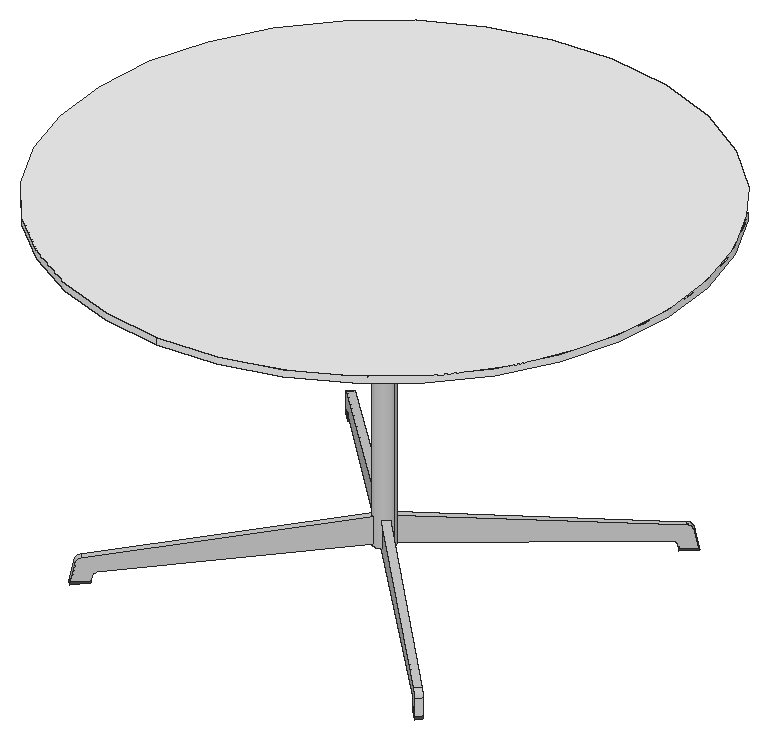
Revit family "Table-LAMMHULTS-COOPER-Round", category Furniture, Revit 2015
Parameters (values of type "H52 D90 Laminate")
  Legs Material = Plastic - Black
  D90 = not(D120)  # yes
  URL = "www.lammhults.se"
  Table Top Height = 520 mm
  Table Edge Material = none
  Table Top Material = Laminate - High Pressure - White grey
  Model = "COOPER"
  Manufacturer = "LAMMHULTS"  # constant formula
  Keynote = "46.B"
  Height = Table Top Height  # 520 mm
  Frame Material = Metal - Chrome - Polished
  Diameter = if(D120, 1200 mm, 900 mm)  # 900 mm
  Description = "*Please enter mtrl description here for use in mto*"
  D120 = no
  Content Author = "AEC AB"  # constant formula
  Assembly Code = "E2020"
Types (12, lengths in mm): name | D90 | Table Top Height | Table Top Material | Height | Diameter | D120
  H45 D90 Laminate | yes | 450 | Laminate - High Pressure - White grey | 450 | 900 | no
  H45 D90 Walnut Veneer | yes | 450 | Wood - Veneer - Walnut | 450 | 900 | no
  H45 D120 Laminate | no | 450 | Laminate - High Pressure - White grey | 450 | 1200 | yes
  H45 D120 Walnut Veneer | no | 450 | Wood - Veneer - Walnut | 450 | 1200 | yes
  H52 D90 Laminate | yes | 520 | Laminate - High Pressure - White grey | 520 | 900 | no
  H52 D90 Walnut Veneer | yes | 520 | Wood - Veneer - Walnut | 520 | 900 | no
  H52 D120 Laminate | no | 520 | Laminate - High Pressure - White grey | 520 | 1200 | yes
  H52 D120 Walnut Veneer | no | 520 | Wood - Veneer - Walnut | 520 | 1200 | yes
  H72 D90 Laminate | yes | 720 | Laminate - High Pressure - White grey | 720 | 900 | no
  H72 D90 Walnut Veneer | yes | 720 | Wood - Veneer - Walnut | 720 | 900 | no
  H72 D120 Laminate | no | 720 | Laminate - High Pressure - White grey | 720 | 1200 | yes
  H72 D120 Walnut Veneer | no | 720 | Wood - Veneer - Walnut | 720 | 1200 | yes
Reference planes
  plane 1 "Center (Front/Back)": y = 0
  plane 2: z = 0
  plane 3 "Center (Left/Right)": x = 0
  plane 4 "Table Top": z = 520
  plane 5: z = 510
  plane 6: x = -450
  plane 7: x = 450
  plane 8: y = 450
  plane 9: y = -450
Forms (mm)
  Extrusion 1, solid, material "Metal - Chrome - Polished" <- "Frame Material", visible <- "D90"
    sketch origin (0, 0, 0) x (-0.707107, 0.707107, 0) y (0, 0, 1)
      loop
        line (0, 74.328) -> (0, 34.162) -> (358.054, 15.064)
        arc (358.054, 15.064) -> (361.681, 13.592) -> (363.628, 10.196) r 6
        line (363.628, 10.196) -> (364.809, 4) -> (390.059, 4) -> (385.4, 27.288)
        arc (385.4, 27.288) -> (382.01, 33.272) -> (375.728, 36.073) r 11
        line (375.728, 36.073) -> (0, 74.328)
    from -5 to 4.999
  Extrusion 2, solid, material "Plastic - Black" <- "Legs Material", visible <- "D90"
    sketch origin (0, 0, 0) x (-0.707107, 0.707107, 0) y (0, 0, 1)
      loop
        line (390.634, 0) -> (390.059, 4) -> (364.809, 4) -> (365.628, 0) -> (390.634, 0)
    from -5 to 5
  Extrusion 3, solid, material "Metal - Chrome - Polished" <- "Frame Material", visible <- "D90"
    sketch origin (0, 0, 0) x (0.707107, 0.707107, 0) y (0, 0, -1)
      loop
        line (0, -74.328) -> (375.728, -36.073)
        arc (375.728, -36.073) -> (382.01, -33.272) -> (385.4, -27.288) r 11
        line (385.4, -27.288) -> (390.059, -4) -> (364.809, -4) -> (363.628, -10.196)
        arc (363.628, -10.196) -> (361.681, -13.592) -> (358.054, -15.064) r 6
        line (358.054, -15.064) -> (0, -34.162) -> (0, -74.328)
    from -5 to 4.999
  Extrusion 4, solid, material "Plastic - Black" <- "Legs Material", visible <- "D90"
    sketch origin (0, 0, 0) x (0.707107, 0.707107, 0) y (0, 0, -1)
      loop
        line (390.634, 0) -> (365.628, 0) -> (364.809, -4) -> (390.059, -4) -> (390.634, 0)
    from -5 to 5
  Extrusion 5, solid, material "Metal - Chrome - Polished" <- "Frame Material", visible <- "D90"
    sketch origin (0, 0, 0) x (-0.707107, -0.707107, 0) y (0, 0, -1)
      loop
        line (0, -74.328) -> (375.728, -36.073)
        arc (375.728, -36.073) -> (382.01, -33.272) -> (385.4, -27.288) r 11
        line (385.4, -27.288) -> (390.059, -4) -> (364.809, -4) -> (363.628, -10.196)
        arc (363.628, -10.196) -> (361.681, -13.592) -> (358.054, -15.064) r 6
        line (358.054, -15.064) -> (0, -34.162) -> (0, -74.328)
    from -5 to 4.999
  Extrusion 6, solid, material "Plastic - Black" <- "Legs Material", visible <- "D90"
    sketch origin (0, 0, 0) x (-0.707107, -0.707107, 0) y (0, 0, -1)
      loop
        line (390.634, 0) -> (365.628, 0) -> (364.809, -4) -> (390.059, -4) -> (390.634, 0)
    from -5 to 5
  Extrusion 7, solid, material "Metal - Chrome - Polished" <- "Frame Material", visible <- "D90"
    sketch origin (0, 0, 0) x (0.707107, -0.707107, 0) y (0, 0, 1)
      loop
        line (0, 74.328) -> (0, 34.162) -> (358.054, 15.064)
        arc (358.054, 15.064) -> (361.681, 13.592) -> (363.628, 10.196) r 6
        line (363.628, 10.196) -> (364.809, 4) -> (390.059, 4) -> (385.4, 27.288)
        arc (385.4, 27.288) -> (382.01, 33.272) -> (375.728, 36.073) r 11
        line (375.728, 36.073) -> (0, 74.328)
    from -5 to 4.999
  Extrusion 8, solid, material "Plastic - Black" <- "Legs Material", visible <- "D90"
    sketch origin (0, 0, 0) x (0.707107, -0.707107, 0) y (0, 0, 1)
      loop
        line (390.634, 0) -> (390.059, 4) -> (364.809, 4) -> (365.628, 0) -> (390.634, 0)
    from -5 to 5
  Extrusion 9, solid, material "Metal - Chrome - Polished" <- "Frame Material"
    sketch origin (0, 0, 0) x (1, 0, 0) y (0, 1, 0)
      loop
        circle (0, 0) r 16
    from 32.33 to 510
  Extrusion 10, solid, material "Metal - Chrome - Polished" <- "Frame Material"
    sketch origin (0, 0, 510) x (1, 0, 0) y (0, 1, 0)
      loop
        line (-122.5, 122.5) -> (-122.5, -122.5) -> (122.5, -122.5) -> (122.5, 122.5) -> (-122.5, 122.5)
    from 0 to -5
  Extrusion 11, solid, material "Laminate - High Pressure - White grey" <- "Table Top Material"
    sketch origin (0, 0, 520) x (0, 1, 0) y (-1, 0, 0)
      loop
        circle (0, 0) r 450
    from 0 to -10
  Extrusion 12, solid, material "Metal - Chrome - Polished" <- "Frame Material", visible <- "D120"
    sketch origin (0, 0, 0) x (-0.707107, 0.707107, 0) y (0, 0, 1)
      loop
        line (0, 89.328) -> (0, 34.162) -> (473.593, 15.061)
        arc (473.593, 15.061) -> (477.269, 13.611) -> (479.246, 10.189) r 6
        line (479.246, 10.189) -> (480.425, 4) -> (530.425, 4) -> (525.734, 41.52)
        arc (525.734, 41.52) -> (522.413, 48.099) -> (515.675, 51.085) r 10.953
        line (515.675, 51.085) -> (0, 89.328)
    from -5 to 4.999
  Extrusion 13, solid, material "Plastic - Black" <- "Legs Material", visible <- "D120"
    sketch origin (0, 0, 0) x (-0.707107, 0.707107, 0) y (0, 0, 1)
      loop
        line (530.425, 4) -> (480.425, 4) -> (481.244, 0) -> (531, 0) -> (530.425, 4)
    from -5 to 4.999
  Extrusion 14, solid, material "Metal - Chrome - Polished" <- "Frame Material", visible <- "D120"
    sketch origin (0, 0, 0) x (0.707107, 0.707107, 0) y (0, 0, -1)
      loop
        line (0, -89.328) -> (515.675, -51.085)
        arc (515.675, -51.085) -> (522.413, -48.099) -> (525.734, -41.52) r 10.953
        line (525.734, -41.52) -> (530.425, -4) -> (480.425, -4) -> (479.246, -10.189)
        arc (479.246, -10.189) -> (477.269, -13.611) -> (473.593, -15.061) r 6
        line (473.593, -15.061) -> (0, -34.162) -> (0, -89.328)
    from -5 to 4.999
  Extrusion 15, solid, material "Plastic - Black" <- "Legs Material", visible <- "D120"
    sketch origin (0, 0, 0) x (0.707107, 0.707107, 0) y (0, 0, -1)
      loop
        line (530.425, -4) -> (531, 0) -> (481.244, 0) -> (480.425, -4) -> (530.425, -4)
    from -5 to 4.999
  Extrusion 16, solid, material "Metal - Chrome - Polished" <- "Frame Material", visible <- "D120"
    sketch origin (0, 0, 0) x (-0.707107, -0.707107, 0) y (0, 0, -1)
      loop
        line (0, -89.328) -> (515.675, -51.085)
        arc (515.675, -51.085) -> (522.413, -48.099) -> (525.734, -41.52) r 10.953
        line (525.734, -41.52) -> (530.425, -4) -> (480.425, -4) -> (479.246, -10.189)
        arc (479.246, -10.189) -> (477.269, -13.611) -> (473.593, -15.061) r 6
        line (473.593, -15.061) -> (0, -34.162) -> (0, -89.328)
    from -5 to 4.999
  Extrusion 17, solid, material "Plastic - Black" <- "Legs Material", visible <- "D120"
    sketch origin (0, 0, 0) x (-0.707107, -0.707107, 0) y (0, 0, -1)
      loop
        line (530.425, -4) -> (531, 0) -> (481.244, 0) -> (480.425, -4) -> (530.425, -4)
    from -5 to 4.999
  Extrusion 18, solid, material "Metal - Chrome - Polished" <- "Frame Material", visible <- "D120"
    sketch origin (0, 0, 0) x (0.707107, -0.707107, 0) y (0, 0, 1)
      loop
        line (0, 89.328) -> (0, 34.162) -> (473.593, 15.061)
        arc (473.593, 15.061) -> (477.269, 13.611) -> (479.246, 10.189) r 6
        line (479.246, 10.189) -> (480.425, 4) -> (530.425, 4) -> (525.734, 41.52)
        arc (525.734, 41.52) -> (522.413, 48.099) -> (515.675, 51.085) r 10.953
        line (515.675, 51.085) -> (0, 89.328)
    from -5 to 4.999
  Extrusion 19, solid, material "Plastic - Black" <- "Legs Material", visible <- "D120"
    sketch origin (0, 0, 0) x (0.707107, -0.707107, 0) y (0, 0, 1)
      loop
        line (530.425, 4) -> (480.425, 4) -> (481.244, 0) -> (531, 0) -> (530.425, 4)
    from -5 to 4.999
Cuts and joins
  joined: Extrusion 9, Extrusion 10
Lines and regions (mm)
  Masking region 1
    outline origin (0, 0, 520) x (0, 1, 0) y (-1, 0, 0)
      loop
        circle (0, 0) r 450
Dimensions and locks
  "Table Top Height": plane 4 "Table Top" to level
  locked: plane 4 "Table Top" to plane 5 at 10
  equal spacing: plane 6, plane 3 "Center (Left/Right)", plane 7
  equal spacing: plane 8, plane 1 "Center (Front/Back)", plane 9
  "Diameter": plane 6 to plane 7
  "Diameter": plane 8 to plane 9
  "Diameter": diameter of Extrusion 11 sketch curve
  aligned and locked: level to plane 2
  aligned and locked: plane 5 to Extrusion 9
  aligned and locked: plane 3 "Center (Left/Right)" to Extrusion 11 sketch curve
  aligned and locked: plane 1 "Center (Front/Back)" to Extrusion 11 sketch curve
  aligned and locked: Masking region 1 sketch curve to Extrusion 11  (x2)
Automatic sketch dimensions
  Extrusion 1 sketch curve to Extrusion 1 sketch curve = 0.32 mm
  Extrusion 1 sketch curve to Extrusion 1 sketch curve = 1.181 mm
  Extrusion 1 sketch curve to Extrusion 1 sketch curve = 1.114 mm
  Extrusion 2 sketch curve to Extrusion 2 sketch curve = 24.431 mm
  Extrusion 2 sketch curve to Extrusion 2 sketch curve = 0.819 mm
  level to Extrusion 3 sketch curve = 74.328 mm
  level to Extrusion 3 sketch curve = 9.073 mm
  Extrusion 3 sketch curve to Extrusion 3 sketch curve = 357.734 mm
  level to Extrusion 3 sketch curve = 15.064 mm
  Extrusion 3 sketch curve to Extrusion 3 sketch curve = 0.32 mm
  level to Extrusion 3 sketch curve = 10.196 mm
  Extrusion 3 sketch curve to Extrusion 3 sketch curve = 1.181 mm
  Extrusion 3 sketch curve to Extrusion 3 sketch curve = 10.986 mm
  level to Extrusion 3 sketch curve = 36.073 mm
  Extrusion 3 sketch curve to Extrusion 3 sketch curve = 1.114 mm
  level to Extrusion 3 sketch curve = 27.288 mm
  Extrusion 3 sketch curve to Extrusion 3 sketch curve = 10.786 mm
  level to Extrusion 3 sketch curve = 4 mm
  Extrusion 3 sketch curve to Extrusion 3 sketch curve = 4.659 mm
  level to Extrusion 3 sketch curve = 34.162 mm
  level to Extrusion 4 sketch curve = 0 mm
  level to Extrusion 4 sketch curve = 4 mm
  Extrusion 4 sketch curve to Extrusion 4 sketch curve = 0.819 mm
  Extrusion 4 sketch curve to Extrusion 4 sketch curve = 24.431 mm
  Extrusion 4 sketch curve to Extrusion 4 sketch curve = 0.575 mm
  level to Extrusion 5 sketch curve = 74.328 mm
  level to Extrusion 5 sketch curve = 9.073 mm
  Extrusion 5 sketch curve to Extrusion 5 sketch curve = 357.734 mm
  level to Extrusion 5 sketch curve = 15.064 mm
  Extrusion 5 sketch curve to Extrusion 5 sketch curve = 0.32 mm
  level to Extrusion 5 sketch curve = 10.196 mm
  Extrusion 5 sketch curve to Extrusion 5 sketch curve = 1.181 mm
  Extrusion 5 sketch curve to Extrusion 5 sketch curve = 10.986 mm
  level to Extrusion 5 sketch curve = 36.073 mm
  Extrusion 5 sketch curve to Extrusion 5 sketch curve = 1.114 mm
  level to Extrusion 5 sketch curve = 27.288 mm
  Extrusion 5 sketch curve to Extrusion 5 sketch curve = 10.786 mm
  level to Extrusion 5 sketch curve = 4 mm
  Extrusion 5 sketch curve to Extrusion 5 sketch curve = 4.659 mm
  level to Extrusion 5 sketch curve = 34.162 mm
  Extrusion 6 sketch curve to level = 0 mm
  level to Extrusion 6 sketch curve = 4 mm
  Extrusion 6 sketch curve to Extrusion 6 sketch curve = 0.819 mm
  Extrusion 6 sketch curve to Extrusion 6 sketch curve = 24.431 mm
  Extrusion 6 sketch curve to Extrusion 6 sketch curve = 0.575 mm
  level to Extrusion 7 sketch curve = 74.328 mm
  level to Extrusion 7 sketch curve = 9.073 mm
  Extrusion 7 sketch curve to Extrusion 7 sketch curve = 357.734 mm
  level to Extrusion 7 sketch curve = 15.064 mm
  Extrusion 7 sketch curve to Extrusion 7 sketch curve = 0.32 mm
  level to Extrusion 7 sketch curve = 10.196 mm
  Extrusion 7 sketch curve to Extrusion 7 sketch curve = 1.181 mm
  Extrusion 7 sketch curve to Extrusion 7 sketch curve = 10.986 mm
  level to Extrusion 7 sketch curve = 36.073 mm
  Extrusion 7 sketch curve to Extrusion 7 sketch curve = 1.114 mm
  level to Extrusion 7 sketch curve = 27.288 mm
  Extrusion 7 sketch curve to Extrusion 7 sketch curve = 10.786 mm
  level to Extrusion 7 sketch curve = 4 mm
  Extrusion 7 sketch curve to Extrusion 7 sketch curve = 4.659 mm
  level to Extrusion 7 sketch curve = 34.162 mm
  Extrusion 8 sketch curve to level = 0 mm
  level to Extrusion 8 sketch curve = 4 mm
  Extrusion 8 sketch curve to Extrusion 8 sketch curve = 0.819 mm
  Extrusion 8 sketch curve to Extrusion 8 sketch curve = 24.431 mm
  Extrusion 8 sketch curve to Extrusion 8 sketch curve = 0.575 mm
  plane 1 "Center (Front/Back)" to Extrusion 9 sketch curve = 0 mm
  Extrusion 9 sketch curve to plane 3 "Center (Left/Right)" = 0 mm
  Extrusion 10 sketch curve to Extrusion 10 sketch curve = 245 mm  (x2)
  Extrusion 12 sketch curve to Extrusion 12 sketch curve = 0.242 mm
  Extrusion 12 sketch curve to Extrusion 12 sketch curve = 1.179 mm
  Extrusion 12 sketch curve to Extrusion 12 sketch curve = 35.62 mm
  Extrusion 12 sketch curve to Extrusion 12 sketch curve = 0.81 mm
  Extrusion 12 sketch curve to Extrusion 12 sketch curve = 10.869 mm
  Extrusion 12 sketch curve to Extrusion 12 sketch curve = 4.691 mm
  Extrusion 13 sketch curve to Extrusion 13 sketch curve = 0.819 mm
  Extrusion 13 sketch curve to Extrusion 13 sketch curve = 49.181 mm
  Extrusion 13 sketch curve to Extrusion 13 sketch curve = 0.575 mm
  level to Extrusion 14 sketch curve = 34.162 mm
  level to Extrusion 14 sketch curve = 9.066 mm
  Extrusion 14 sketch curve to Extrusion 14 sketch curve = 473.352 mm
  level to Extrusion 14 sketch curve = 15.061 mm
  Extrusion 14 sketch curve to Extrusion 14 sketch curve = 0.242 mm
  level to Extrusion 14 sketch curve = 10.189 mm
  level to Extrusion 14 sketch curve = 4 mm
  Extrusion 14 sketch curve to Extrusion 14 sketch curve = 1.179 mm
  Extrusion 14 sketch curve to Extrusion 14 sketch curve = 35.62 mm
  level to Extrusion 14 sketch curve = 51.085 mm
  Extrusion 14 sketch curve to Extrusion 14 sketch curve = 0.81 mm
  level to Extrusion 14 sketch curve = 41.52 mm
  Extrusion 14 sketch curve to Extrusion 14 sketch curve = 10.869 mm
  Extrusion 14 sketch curve to Extrusion 14 sketch curve = 4.691 mm
  Extrusion 14 sketch curve to Extrusion 14 sketch curve = 55.166 mm
  level to Extrusion 15 sketch curve = 0 mm
  level to Extrusion 15 sketch curve = 4 mm
  Extrusion 15 sketch curve to Extrusion 15 sketch curve = 0.819 mm
  Extrusion 15 sketch curve to Extrusion 15 sketch curve = 49.181 mm
  Extrusion 15 sketch curve to Extrusion 15 sketch curve = 0.575 mm
  level to Extrusion 16 sketch curve = 34.162 mm
  level to Extrusion 16 sketch curve = 9.066 mm
  Extrusion 16 sketch curve to Extrusion 16 sketch curve = 473.352 mm
  level to Extrusion 16 sketch curve = 15.061 mm
  Extrusion 16 sketch curve to Extrusion 16 sketch curve = 0.242 mm
  level to Extrusion 16 sketch curve = 10.189 mm
  level to Extrusion 16 sketch curve = 4 mm
  Extrusion 16 sketch curve to Extrusion 16 sketch curve = 1.179 mm
  Extrusion 16 sketch curve to Extrusion 16 sketch curve = 35.62 mm
  level to Extrusion 16 sketch curve = 51.085 mm
  Extrusion 16 sketch curve to Extrusion 16 sketch curve = 0.81 mm
  level to Extrusion 16 sketch curve = 41.52 mm
  Extrusion 16 sketch curve to Extrusion 16 sketch curve = 10.869 mm
  Extrusion 16 sketch curve to Extrusion 16 sketch curve = 4.691 mm
  Extrusion 16 sketch curve to Extrusion 16 sketch curve = 55.166 mm
  Extrusion 17 sketch curve to level = 0 mm
  level to Extrusion 17 sketch curve = 4 mm
  Extrusion 17 sketch curve to Extrusion 17 sketch curve = 0.819 mm
  Extrusion 17 sketch curve to Extrusion 17 sketch curve = 49.181 mm
  Extrusion 17 sketch curve to Extrusion 17 sketch curve = 0.575 mm
  level to Extrusion 18 sketch curve = 34.162 mm
  level to Extrusion 18 sketch curve = 9.066 mm
  Extrusion 18 sketch curve to Extrusion 18 sketch curve = 473.352 mm
  level to Extrusion 18 sketch curve = 15.061 mm
  Extrusion 18 sketch curve to Extrusion 18 sketch curve = 0.242 mm
  level to Extrusion 18 sketch curve = 10.189 mm
  level to Extrusion 18 sketch curve = 4 mm
  Extrusion 18 sketch curve to Extrusion 18 sketch curve = 1.179 mm
  Extrusion 18 sketch curve to Extrusion 18 sketch curve = 35.62 mm
  level to Extrusion 18 sketch curve = 51.085 mm
  Extrusion 18 sketch curve to Extrusion 18 sketch curve = 0.81 mm
  level to Extrusion 18 sketch curve = 41.52 mm
  Extrusion 18 sketch curve to Extrusion 18 sketch curve = 10.869 mm
  Extrusion 18 sketch curve to Extrusion 18 sketch curve = 4.691 mm
  Extrusion 18 sketch curve to Extrusion 18 sketch curve = 55.166 mm
  Extrusion 19 sketch curve to level = 0 mm
  level to Extrusion 19 sketch curve = 4 mm
  Extrusion 19 sketch curve to Extrusion 19 sketch curve = 0.819 mm
  Extrusion 19 sketch curve to Extrusion 19 sketch curve = 49.181 mm
  Extrusion 19 sketch curve to Extrusion 19 sketch curve = 0.575 mm
  level to Extrusion 1 sketch curve = 74.328 mm
  level to Extrusion 1 sketch curve = 9.073 mm
  Extrusion 1 sketch curve to Extrusion 1 sketch curve = 357.734 mm
  level to Extrusion 1 sketch curve = 10.196 mm
  Extrusion 1 sketch curve to Extrusion 1 sketch curve = 5.894 mm
  Extrusion 1 sketch curve to Extrusion 1 sketch curve = 10.986 mm
  level to Extrusion 1 sketch curve = 27.288 mm
  Extrusion 1 sketch curve to Extrusion 1 sketch curve = 10.786 mm
  level to Extrusion 1 sketch curve = 4 mm
  Extrusion 1 sketch curve to Extrusion 1 sketch curve = 4.659 mm
  Extrusion 1 sketch curve to Extrusion 1 sketch curve = 2.158 mm
  level to Extrusion 1 sketch curve = 34.162 mm
  level to Extrusion 2 sketch curve = 0 mm
  level to Extrusion 2 sketch curve = 4 mm
  Extrusion 2 sketch curve to Extrusion 2 sketch curve = 0.575 mm
  level to Extrusion 12 sketch curve = 34.162 mm
  level to Extrusion 12 sketch curve = 9.066 mm
  Extrusion 12 sketch curve to Extrusion 12 sketch curve = 473.352 mm
  level to Extrusion 12 sketch curve = 10.189 mm
  Extrusion 12 sketch curve to Extrusion 12 sketch curve = 5.894 mm
  level to Extrusion 12 sketch curve = 4 mm
  Extrusion 12 sketch curve to Extrusion 12 sketch curve = 36.161 mm
  Extrusion 12 sketch curve to Extrusion 12 sketch curve = 1.359 mm
  Extrusion 12 sketch curve to Extrusion 12 sketch curve = 55.166 mm
  level to Extrusion 13 sketch curve = 0 mm
  level to Extrusion 13 sketch curve = 4 mm
  radius of Extrusion 9 sketch curve = 16 mm
